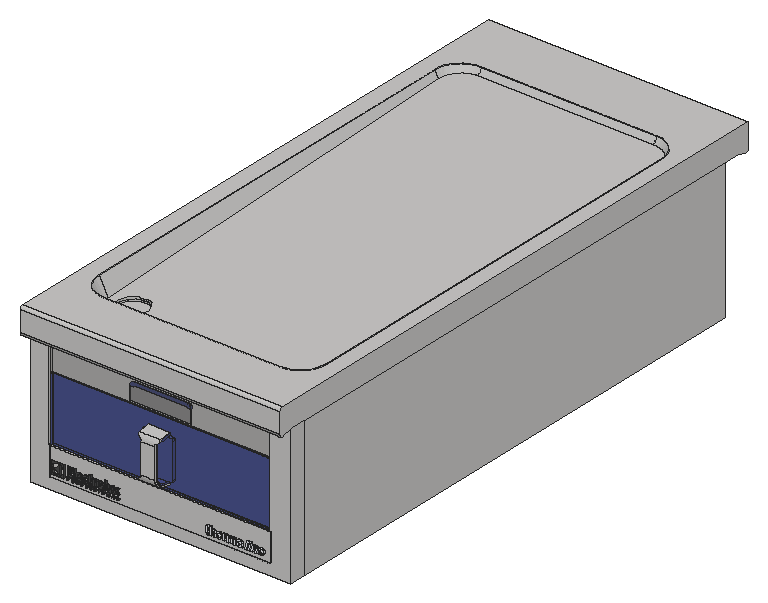
Revit family "QF_ELECTROLUXPROFESSIONAL_589828_MCHMAADODM", category Attrezzature speciali, Revit 2020
Family settings
  Quota connettore circolare = Usa diametro
  Tipo di parte = Normale
  Basato su piano di lavoro = No
  Sempre verticale = Sì
  Taglio con vuoti quando caricato = No
  Condiviso = No
  Punto di calcolo locali = No
Parameters (values of type "Standard")
  Weight = 69.00 kg
  Watts = 5100 W
  Volts = 440 V
  URL Manufacturer = "https://www.electroluxprofessional.com/"
  URL = "https://www.electroluxprofessional.com/"
  Steam Supply Size = 0"
  Steam Supply Minimum Pressure = 0.00 psi
  Steam Supply Maximum Pressure = 0.00 psi
  Steam Consumption per Hour = 0
  Refrigeration Suction Line Size = 0 mm
  Refrigeration Liquid Line Size = 0 mm
  Refrigerant Compressor Remote = yes
  Prospetto di default = 0 mm
  Phase = 3
  Modello = "MCHMAADODM"
  Produttore = "Electrolux Professional"
  Length Actual = 400 mm  # constant formula
  Item Number = "589828"
  Hot Water Size = 0"
  Height Actual = 250 mm  # constant formula
  HP = "6.8 HP"
  Gas Size = 0"
  Gas KW = 0
  Gas Input Pressure = 0.0 Btu/h
  Direct Waste Size = 0"
  Descrizione = "FRYTOP,SMT,1Z,1S,400X900X250H MARINE"
  Depth Actual = 900 mm  # constant formula
  Cycle = 50 Hz
  Condensate Return Size = 0"
  Compressed Air Volume = 0 GPM
  Compressed Air Size = 0"
  Compressed Air Pressure = 0.00 psi
  Cold Water Size = 0"
  Accessory = yes
Reference planes
  plane 1 "BACK": y = 0
  plane 2: z = 0
  plane 3 "LEFT": x = 0
  plane 4 "RIGHT": x = 400
  plane 5 "FRONT": y = -900
  plane 6 "TOP": z = 900
  plane 7 "Center (Left/Right)": x = 200
  plane 8 "Center (Front/Back)": y = -425
  plane 9: y = -150
  plane 10: y = -65
  plane 11: y = -840
  plane 12 "EIY": y = -685
  plane 13: z = 938
  plane 14 "BaseTop": z = 650
  plane 15: y = -855
  plane 16 "Camino": y = -50
  plane 17 "EIx": x = 355
  plane 18: z = 1131
  plane 19 "PlaneRibbed": through (-6096, -65, 890) normal (0, -0.0251, 0.9997)
  plane 20 "Base": z = 200
Forms (mm)
  Extrusion 1, solid, material "QF_Finishes_Stainless Steel"
    sketch origin (-178.969, -4572, 100) x (-1, 0, 0) y (0, -1, 0)
      loop
        line (-178.969, -4527) -> (-178.969, -3717) -> (-578.969, -3717) -> (-578.969, -4527) -> (-178.969, -4527)
    from 550 to 762.969
  Extrusion 2, solid, material "QF_Finishes_Stainless Steel"
    sketch origin (200, 296.4, 1219.2) x (0, 1, 0) y (0, 0, 1)
      loop
        line (-296.4, -319.2) -> (-1191.4, -319.2)
        arc (-1191.4, -319.2) -> (-1194.935, -320.664) -> (-1196.4, -324.2) r 5
        line (-1196.4, -324.2) -> (-1196.4, -355.2)
        arc (-1196.4, -355.2) -> (-1194.971, -358.264) -> (-1191.705, -359.139) r 4
        line (-1191.705, -359.139) -> (-1176.4, -356.231) -> (-316.4, -356.231) -> (-301.094, -359.139)
        arc (-301.094, -359.139) -> (-297.829, -358.264) -> (-296.4, -355.2) r 4
        line (-296.4, -355.2) -> (-296.4, -319.2)
    from -200 to 200
  Extrusion 3, void
    sketch origin (0, -30, 900) x (-1, 0, 0) y (0, -1, 0)
      loop
        arc (-65, 65) -> (-36.716, 76.716) -> (-25, 105) r 40
        line (-25, 105) -> (-25, 750)
        arc (-25, 750) -> (-36.716, 778.284) -> (-65, 790) r 40
        line (-65, 790) -> (-335, 790)
        arc (-335, 790) -> (-363.284, 778.284) -> (-375, 750) r 40
        line (-375, 750) -> (-375, 105)
        arc (-375, 105) -> (-363.284, 76.716) -> (-335, 65) r 40
        line (-335, 65) -> (-65, 65)
    from 0 to -30
  Sweep 4, solid, material "QF_Finishes_Stainless Steel"
    path origin (0, -30, 900) x (-1, 0, 0) y (0, -1, 0)
      loop
        line (-25, 105) -> (-25, 750)
        arc (-25, 750) -> (-36.716, 778.284) -> (-65, 790) r 40
        line (-65, 790) -> (-335, 790)
        arc (-335, 790) -> (-363.284, 778.284) -> (-375, 750) r 40
        line (-375, 750) -> (-375, 105)
        arc (-375, 105) -> (-363.284, 76.716) -> (-335, 65) r 40
        line (-335, 65) -> (-65, 65)
        arc (-65, 65) -> (-36.716, 76.716) -> (-25, 105) r 40
    profile origin (25, -457.5, 900) x (1, 0, 0) y (0, 0, 1)
      loop
        line (0, 0) -> (0, -30) -> (15, -30) -> (0, 0)
  Extrusion 5, void
    sketch origin (-19.991, -30, 900) x (-1, 0, 0) y (0, -1, 0)
      loop
        circle (-94.991, 746) r 22.248
    from -32.282 to 0
  Extrusion 6, solid, material "QF_Finishes_Stainless Steel"
    sketch origin (200, 266.4, 1219.2) x (0, 1, 0) y (0, 0, 1)
      loop
        line (-1086.4, -349.2) -> (-361.4, -349.2) -> (-361.4, -329.2) -> (-1086.4, -347.399) -> (-1086.4, -349.2)
    from -175 to 175
  Extrusion 7, void
    sketch origin (-34.748, -10, 900) x (-1, 0, 0) y (0, -1, 0)
      loop
        circle (-109.748, 765.667) r 22.248
    from -32.282 to 0
  Extrusion 8, solid, material "QF_Finishes_Stainless Steel"
    sketch origin (0, 0, 650) x (-1, 0, 0) y (0, -1, 0)
      loop
        circle (-355, 685) r 10
    from 0 to -6.533
Cuts and joins
  Extrusion 3, Extrusion 5, Extrusion 7 cuts Extrusion 2
  Extrusion 7 cuts Sweep 4
  Extrusion 7 cuts Extrusion 6
  joined: Sweep 4, Extrusion 6
Lines and regions (mm)
  symbolic lines
    curve 1: line (0, 0, 100) -> (400, 0, 100)
    curve 2: line (0, -900, 100) -> (0, 0, 100)
    curve 3: line (400, -900, 100) -> (0, -900, 100)
    curve 4: line (400, 0, 100) -> (400, -900, 100)
    curve 5: line (335, -95, 0) -> (65.29, -95, 0)
    curve 6: line (65.29, -820, 0) -> (335, -820, 0)
    curve 7: line (65, -110, 900) -> (335, -110, 900)
    curve 8: line (335, -806.075, 900) -> (65, -806.075, 900)
    curve 9: arc (360, -781.075, 900) -> (352.678, -798.753, 900) -> (335, -806.075, 900) r 25
    curve 10: line (360, -135, 900) -> (360, -781.075, 900)
    curve 11: arc (335, -110, 900) -> (352.678, -117.322, 900) -> (360, -135, 900) r 25
    curve 12: circle (75, -776, 900) r 22.248 normal (0, 0, 1)
    curve 13: arc (90.5, -115.483, 900) -> (62.314, -127.096, 900) -> (50.5, -155.198, 900) r 39.994
    curve 14: line (90.5, -115.482, 900) -> (309.507, -115.482, 900)
    curve 15: line (50.5, -692.082, 900) -> (50.5, -155.198, 900)
    curve 16: arc (50.5, -692.082, 900) -> (62.314, -720.184, 900) -> (90.5, -731.797, 900) r 39.994
    curve 17: line (309.507, -731.798, 900) -> (90.5, -731.798, 900)
    curve 18: line (40.29, -738.526, 900) -> (360, -738.526, 900)
    curve 19: line (40.29, -748.526, 900) -> (360, -748.526, 900)
    curve 20: arc (65, -95, 900) -> (36.716, -106.716, 900) -> (25, -135, 900) r 40
    curve 21: line (25, -135, 900) -> (25, -780, 900)
    curve 22: arc (25, -780, 900) -> (36.716, -808.284, 900) -> (65, -820, 900) r 40
    curve 23: arc (335, -820, 900) -> (363.284, -808.284, 900) -> (375, -780, 900) r 40
    curve 24: line (375, -780, 900) -> (375, -135, 900)
    curve 25: arc (375, -135, 900) -> (363.284, -106.716, 900) -> (335, -95, 900) r 40
    curve 26: arc (309.507, -115.483, 900) -> (337.688, -127.098, 900) -> (349.5, -155.198, 900) r 39.994
    curve 27: line (349.5, -692.082, 900) -> (349.5, -155.198, 900)
    curve 28: arc (349.5, -692.082, 900) -> (337.688, -720.181, 900) -> (309.507, -731.797, 900) r 39.994
    curve 29: arc (65, -806.075, 900) -> (47.322, -798.753, 900) -> (40, -781.075, 900) r 25
    curve 30: line (40, -781.075, 900) -> (40, -135, 900)
    curve 31: arc (40, -135, 900) -> (47.322, -117.322, 900) -> (65, -110, 900) r 25
Dimensions and locks
  plane 3 "LEFT" to plane 4 "RIGHT" = 400 mm
  plane 5 "FRONT" to plane 1 "BACK" = 900 mm
  plane 3 "LEFT" to plane 7 "Center (Left/Right)" to plane 4 "RIGHT" = 200 mm, 200 mm
  plane 5 "FRONT" to plane 8 "Center (Front/Back)" to plane 1 "BACK" = 475 mm, 425 mm
  plane 6 "TOP" to level = 900 mm  (x2)
  plane 1 "BACK" to plane 9 = 150 mm
  plane 12 "EIY" to plane 1 "BACK" = 685 mm
  plane 13 to plane 6 "TOP" = 38 mm
  plane 10 to plane 1 "BACK" = 65 mm
  plane 5 "FRONT" to plane 11 = 60 mm
  locked: plane 6 "TOP" to plane 14 "BaseTop" at 250
  locked: plane 15 to plane 5 "FRONT" at 45
  plane 16 "Camino" to plane 1 "BACK" = 50 mm
  plane 17 "EIx" to plane 4 "RIGHT" = 45 mm
  plane 18 to plane 6 "TOP" = 231 mm
  plane 20 "Base" to level = 200 mm
  aligned and locked: level to plane 2
  aligned and locked: cut or joined group of Extrusion 2, Extrusion 3, Extrusion 5, Extrusion 7 to plane 4 "RIGHT"
  aligned and locked: nested 1 to plane 15
  aligned and locked: Extrusion 1 to plane 15
  aligned and locked: plane 3 "LEFT" to nested 1
Nested families
  nested 1: "Front_Panel_W400_1 Knob" at (52.376, -855, 0), type "Front_Panel_W400_1 Knob"
Connectors
  electrical at (355, -685, 643.467)
    settings: on Extrusion 8, index 1, voltage 0 V, apparent load 0 VA, apparent load phase1 0 VA, apparent load phase2 0 VA, apparent load phase3 0 VA, power factor 1, load classification "Other", number of poles 1, system type 30, power factor state 1, is connector primary yes, connector utility no, sub classification motor no, connector description "Electrical connection"
Definition of nested family "Front_Panel_W400_1 Knob"
  Parameters
    Default Elevation = 0 mm
  Reference planes
    plane 1 "Center (Front/Back)": y = 0
    plane 2: z = 0
    plane 3 "Center (Left/Right)": x = 147.624
    plane 4 "Left": x = -52.376
    plane 5 "Right": x = 347.624
    plane 6: y = -45
    plane 7: y = -310
    plane 8: y = -25
    plane 9: x = 317.624
    plane 10: x = -22.376
  Forms (mm)
    Extrusion 1, solid
      sketch origin (833.217, 829.203, -1.25) x (0, 1, 0) y (0, 0, 1)
        loop
          line (-854.203, 651.25) -> (-829.203, 651.25) -> (-829.203, 864.25) -> (-854.203, 864.25) -> (-854.203, 651.25)
      from -885.593 to -485.593
    Extrusion 2, void
      sketch origin (0, 0, 0) x (1, 0, 0) y (0, 0, 1)
        loop
          line (-24.876, 853.866) -> (-24.876, 711.866) -> (315.124, 711.866) -> (315.124, 853.866) -> (-24.876, 853.866)
      from 19.387 to 33.951
    Extrusion 3, void
      sketch origin (0, 0, 0) x (1, 0, 0) y (0, 0, 1)
        loop
          line (-22.376, 711.866) -> (-22.376, 666.866) -> (317.624, 666.866) -> (317.624, 711.866) -> (-22.376, 711.866)
      from 19.387 to 25
    Extrusion 4, solid
      sketch origin (0, 0, 0) x (1, 0, 0) y (0, 0, 1)
        loop
          line (-21.376, 710.866) -> (-21.376, 667.866) -> (316.624, 667.866) -> (316.624, 710.866) -> (-21.376, 710.866)
      from 19.387 to 25
  Cuts and joins
    Extrusion 2, Extrusion 3 cuts Extrusion 1
  Dimensions and locks
    equal spacing: plane 5 "Right", plane 3 "Center (Left/Right)", plane 4 "Left"
    plane 5 "Right" to plane 4 "Left" = 400 mm
    plane 6 to plane 7 = 265 mm
    aligned and locked: cut or joined group of Extrusion 1, Extrusion 2, Extrusion 3 to plane 4 "Left"
    aligned and locked: plane 5 "Right" to cut or joined group of Extrusion 1, Extrusion 2, Extrusion 3
    aligned and locked: plane 3 "Center (Left/Right)" to nested 1
    aligned and locked: cut or joined group of Extrusion 1, Extrusion 2, Extrusion 3 to nested 1
  Automatic sketch dimensions
    Extrusion 1 sketch curve to plane 8 = 0 mm
    Extrusion 1 sketch curve to plane 1 "Center (Front/Back)" = 0 mm
    level to Extrusion 1 sketch curve = 650 mm
    Extrusion 1 sketch curve to Extrusion 1 sketch curve = 213 mm
    Extrusion 2 sketch curve to plane 10 = 2.5 mm
    Extrusion 2 sketch curve to plane 9 = 2.5 mm
    level to Extrusion 2 sketch curve = 711.866 mm
    Extrusion 2 sketch curve to Extrusion 2 sketch curve = 142 mm
    Extrusion 3 sketch curve to plane 10 = 0 mm
    Extrusion 3 sketch curve to plane 9 = 0 mm
    level to Extrusion 3 sketch curve = 666.866 mm
    Extrusion 3 sketch curve to Extrusion 3 sketch curve = 45 mm
    plane 10 to Extrusion 4 sketch curve = 1 mm
    Extrusion 4 sketch curve to plane 9 = 1 mm
    level to Extrusion 4 sketch curve = 667.866 mm
    Extrusion 4 sketch curve to Extrusion 4 sketch curve = 43 mm
  Nested families
    nested 1: "Front glass control panel W500_1 Knob" at (147.624, 280.644, 2.752), type "Front glass control panel W500_1 Knob"
    nested 2: "Range Control Handle" at (147.624, -28.137, -209.113) x (-1, 0, 0) z (0, 0, 1), type "Range Control Handle"
    nested 3: "ELX_ThermaLine_Small" at (258.838, -25, 680.426) x (1, 0, 0) z (0, -1, 0), type "ELX_ThermaLine_Small"
      with Show Logo yes, Material_Logo none
    nested 4: "ELX_Professional_Logo_Small2" at (33.472, -25, 682.659) x (1, 0, 0) z (0, -1, 0), type "ELX_Professional_Logo_Small2"
      with Show Logo yes, Material_Logo none
  Definition of nested family "Front glass control panel W500_1 Knob"
    Parameters
      Default Elevation = 0 mm
    Reference planes
      plane 1 "Center (Front/Back)": y = 0
      plane 2: z = 0
      plane 3 "Center (Left/Right)": x = 0
    Forms (mm)
      Extrusion 1, solid
        sketch origin (378.286, 0, 0.617) x (1, 0, 0) y (0, 0, 1)
          loop
            line (-548.286, 806.791) -> (-548.286, 708.497) -> (-208.286, 708.497) -> (-208.286, 806.791) -> (-548.286, 806.791)
        from 300.031 to 304.8
      Extrusion 2, solid
        sketch origin (378.286, 0, 0.617) x (1, 0, 0) y (0, 0, 1)
          loop
            line (-548.286, 850.497) -> (-548.286, 806.791) -> (-208.286, 806.791) -> (-208.286, 850.497) -> (-548.286, 850.497)
        from 300.031 to 304.8
      Extrusion 3, void
        sketch origin (378.286, 0, 0.617) x (1, 0, 0) y (0, 0, 1)
          loop
            line (-545.628, 847.565) -> (-545.628, 710.699) -> (-211.196, 710.699) -> (-211.196, 847.565) -> (-545.628, 847.565)
        from 303.697 to 304.8
      Extrusion 4, solid
        sketch origin (308.309, 1.101, -0.633) x (1, 0, 0) y (0, 0, 1)
          loop
            line (-261.431, 812.62) -> (-261.431, 834.177) -> (-266.24, 834.177) -> (-268.039, 835.977) -> (-348.469, 835.977) -> (-350.269, 834.177) -> (-355.186, 834.177) -> (-355.186, 812.62) -> (-261.431, 812.62)
        from 304.798 to 306.745
      Extrusion 5, solid
        sketch origin (308.309, 1.101, -0.633) x (1, 0, 0) y (0, 0, 1)
          loop
            line (-350.269, 834.177) -> (-348.469, 835.977) -> (-268.039, 835.977) -> (-266.24, 834.177) -> (-261.529, 834.177)
            arc (-261.529, 834.177) -> (-262.706, 838.752) -> (-266.98, 840.763) r 5.549
            line (-266.98, 840.763) -> (-349.686, 840.763)
            arc (-349.686, 840.763) -> (-353.942, 838.747) -> (-355.078, 834.177) r 5.5
            line (-355.078, 834.177) -> (-350.269, 834.177)
        from 304.798 to 306.745
    Cuts and joins
      Extrusion 3 cuts Extrusion 1
      Extrusion 3 cuts Extrusion 2
    Dimensions and locks
      aligned and locked: Extrusion 1 to Extrusion 2
      aligned and locked: Extrusion 5 sketch curve to Extrusion 4  (x4)
      aligned and locked: Extrusion 4 to Extrusion 5 sketch curve
      aligned and locked: Extrusion 5 to Extrusion 4
  Definition of nested family "Range Control Handle"
    Parameters
      Default Elevation = 0 mm
    Reference planes
      plane 1 "Center (Front/Back)": y = 0
      plane 2: z = 0
      plane 3 "Center (Left/Right)": x = 0
      plane 4: z = 971.092
      plane 5: y = -16.9
    Forms (mm)
      Extrusion 1, solid
        sketch origin (-746.28, 380.497, 208.931) x (-1, 0, 0) y (0, 0, 1)
          loop
            line (-770.101, 786.798) -> (-770.101, 731.649)
            arc (-770.101, 731.649) -> (-769.759, 730.563) -> (-768.855, 729.87) r 1.893
            line (-768.855, 729.87) -> (-763.474, 727.911) -> (-729.81, 727.911) -> (-724.428, 729.87)
            arc (-724.428, 729.87) -> (-723.525, 730.563) -> (-723.183, 731.649) r 1.893
            line (-723.183, 731.649) -> (-723.183, 786.798)
            arc (-723.183, 786.798) -> (-723.529, 787.894) -> (-724.44, 788.593) r 1.91
            line (-724.44, 788.593) -> (-729.683, 790.819) -> (-763.601, 790.819) -> (-768.844, 788.593)
            arc (-768.844, 788.593) -> (-769.755, 787.894) -> (-770.101, 786.798) r 1.91
        from -382.35 to -378.852
      Sweep 2, solid
        path origin (-746.788, 380.496, 208.091) x (0, -1, 0) y (0, 0, 1)
          loop
            line (379.775, 793.281) -> (395.661, 791.048)
            arc (395.661, 791.048) -> (397.781, 787.377) -> (398.517, 783.202) r 12.207
            line (398.517, 783.202) -> (398.517, 737.368)
            arc (398.517, 737.368) -> (397.781, 733.193) -> (395.661, 729.522) r 12.207
            line (395.661, 729.522) -> (379.775, 727.289)
        profile origin (-746.788, -7.222, 1000.256) x (0, -0.139173, 0.990268) y (-1, 0, 0)
          loop
            line (0.782, -763.123) -> (0.782, -730.907) -> (-1.322, -730.907) -> (-1.322, -763.123) -> (0.782, -763.123)
      Sweep 3, solid
        path origin (-746.788, 380.715, 207.832) x (0, -1, 0) y (0, 0, 1)
          loop
            line (380.478, 795.442) -> (397.218, 793.09)
            arc (397.218, 793.09) -> (399.929, 788.473) -> (400.871, 783.202) r 15.207
            line (400.871, 783.202) -> (400.871, 737.584)
            arc (400.871, 737.584) -> (399.914, 732.274) -> (397.164, 727.633) r 15.207
            line (397.164, 727.633) -> (380.601, 725.305)
        profile origin (-746.788, -8.132, 1002.099) x (0, -0.139173, 0.990268) y (-1, 0, 0)
          loop
            line (0.782, -763.123) -> (0.782, -730.907) -> (-1.322, -730.907) -> (-1.322, -763.123) -> (0.782, -763.123)
      Extrusion 4, void
        sketch origin (889.253, 220.666, 207.993) x (1, 0, 0) y (0, 0, 1)
          loop
            line (-943.038, 816.854) -> (-943.038, 703.686) -> (-899.466, 734.196) -> (-899.466, 786.344) -> (-943.038, 816.854)
        from 230.636 to 242.25
      Extrusion 5, void
        sketch origin (-888.8, 220.666, 207.993) x (-1, 0, 0) y (0, 0, -1)
          loop
            line (-943.038, -816.854) -> (-899.466, -786.344) -> (-899.466, -734.196) -> (-943.038, -703.686) -> (-943.038, -816.854)
        from 230.636 to 242.25
      Extrusion 6, solid
        sketch origin (0, 0, 0) x (1, 0, 0) y (0, 0, 1)
          loop
            circle (0, 971.092) r 7.736
        from -3.137 to -1.645
    Cuts and joins
      Extrusion 4, Extrusion 5 cuts Sweep 3
      Extrusion 4, Extrusion 5 cuts Sweep 2
      joined: Extrusion 1, Extrusion 6
    Lines and regions (mm)
      symbolic lines
        curve 1: line (16.334, -16.9, 0) -> (16.334, -19.227, 0)
        curve 2: spline (16.334, -19.227, 0) -> (15.87, -19.385, 0) -> (15.404, -19.536, 0) -> (14.936, -19.678, 0) -> (14.466, -19.813, 0) -> (13.995, -19.94, 0) -> (13.523, -20.059, 0) -> (13.049, -20.171, 0) -> (12.575, -20.274, 0) -> (12.099, -20.37, 0) -> (11.622, -20.458, 0) -> (11.144, -20.537, 0) -> (10.666, -20.609, 0)
        curve 3: line (10.666, -16.9, 0) -> (10.666, -20.938, 0)
        curve 4: line (-10.213, -20.938, 0) -> (10.666, -20.938, 0)
        curve 5: line (-10.213, -20.938, 0) -> (-10.213, -16.9, 0)
        curve 6: spline (-10.213, -20.609, 0) -> (-10.691, -20.537, 0) -> (-11.169, -20.458, 0) -> (-11.646, -20.37, 0) -> (-12.122, -20.274, 0) -> (-12.597, -20.171, 0) -> (-13.07, -20.059, 0) -> (-13.542, -19.94, 0) -> (-14.013, -19.813, 0) -> (-14.483, -19.678, 0) -> (-14.951, -19.536, 0) -> (-15.417, -19.385, 0) -> (-15.881, -19.227, 0)
        curve 7: line (-15.881, -19.227, 0) -> (-15.881, -16.9, 0)
  Definition of nested family "ELX_ThermaLine_Small"
    Parameters
      Show Logo [instance] = yes
      Material_Logo [instance] = none
      Default Elevation = 0 mm
    Reference planes
      plane 1 "Centro (Fronte/Retro)": y = 0
      plane 2: z = 0
      plane 3 "Centro (Sinistra/Destra)": x = 0
    Forms (mm)
      Extrusion 1, solid
        sketch origin (0, 0, 0) x (1, 0, 0) y (0, 1, 0)
          loop
            line (-1219.2, 1219.2) -> (-1219.2, -1219.2) -> (1219.2, -1219.2) -> (1219.2, 1219.2) -> (-1219.2, 1219.2)
        from 0 to -304.8
      Extrusion 2, solid
        sketch origin (0, 0, 0) x (1, 0, 0) y (0, 1, 0)
          loop
            line (-37.494, 1.229) -> (-35.908, 1.229) -> (-35.908, 3.066) -> (-37.494, 3.066) -> (-37.494, 6.221) -> (-39.867, 4.881) -> (-39.867, 3.066) -> (-40.969, 3.066) -> (-40.969, 1.229) -> (-39.867, 1.229) -> (-39.867, -3.407)
            arc (-39.867, -3.407) -> (-38.982, -5.513) -> (-36.751, -6.001) r 2.478
            line (-36.751, -6.001) -> (-35.638, -5.7) -> (-35.9, -3.835) -> (-36.661, -4.039)
            arc (-36.661, -4.039) -> (-37.236, -3.924) -> (-37.494, -3.399) r 0.662
            line (-37.494, -3.399) -> (-37.494, 1.229)
          loop
            line (-34.242, 6.539) -> (-34.242, -5.848) -> (-31.854, -5.848) -> (-31.854, -0.078)
            arc (-31.854, -0.078) -> (-30.939, 1.249) -> (-29.33, 1.367) r 1.866
            arc (-29.33, 1.367) -> (-28.695, 0.768) -> (-28.461, -0.073) r 1.627
            line (-28.461, -0.073) -> (-28.461, -5.848) -> (-26.086, -5.848) -> (-26.064, -0.46)
            arc (-26.064, -0.46) -> (-26.261, 0.932) -> (-26.786, 2.237) r 5.825
            arc (-26.786, 2.237) -> (-29.381, 3.264) -> (-31.854, 1.971) r 3.353
            line (-31.854, 1.971) -> (-31.854, 6.539) -> (-34.242, 6.539)
          loop
            arc (-18.398, -0.598) -> (-18.893, 0.879) -> (-20.326, 1.487) r 1.897
            arc (-20.326, 1.487) -> (-21.461, 0.708) -> (-21.897, -0.598) r 2.164
            line (-21.897, -0.598) -> (-18.398, -0.598)
          loop
            arc (-16.021, -2.044) -> (-16.754, 1.227) -> (-19.444, 3.226) r 4.814
            arc (-19.444, 3.226) -> (-22.137, 2.788) -> (-23.943, 0.743) r 4.054
            arc (-23.943, 0.743) -> (-24.382, -1.249) -> (-24.162, -3.276) r 6.289
            arc (-24.162, -3.276) -> (-23.302, -4.71) -> (-21.958, -5.705) r 4.28
            arc (-21.958, -5.705) -> (-18.558, -5.814) -> (-16.152, -3.409) r 4.28
            line (-16.152, -3.409) -> (-18.5, -2.995)
            arc (-18.5, -2.995) -> (-19.273, -3.994) -> (-20.533, -4.076) r 1.536
            arc (-20.533, -4.076) -> (-21.56, -3.281) -> (-21.958, -2.044) r 2.197
            line (-21.958, -2.044) -> (-16.021, -2.044)
          loop
            line (-14.165, -5.848) -> (-11.819, -5.848) -> (-11.819, -2.138)
            arc (-11.819, -2.138) -> (-11.787, -1.156) -> (-11.637, -0.185) r 8.18
            arc (-11.637, -0.185) -> (-10.644, 0.972) -> (-9.132, 0.776) r 1.603
            line (-9.132, 0.776) -> (-8.419, 2.846)
            arc (-8.419, 2.846) -> (-10.432, 3.118) -> (-11.994, 1.821) r 2.527
            line (-11.994, 1.821) -> (-11.994, 3.094) -> (-14.165, 3.094) -> (-14.165, -5.848)
          loop
            line (-7.579, 3.094) -> (-7.579, -5.848) -> (-5.178, -5.848) -> (-5.178, -0.756)
            arc (-5.178, -0.756) -> (-4.727, 0.679) -> (-3.417, 1.419) r 2.05
            arc (-3.417, 1.419) -> (-2.499, 0.908) -> (-2.155, -0.085) r 1.471
            line (-2.155, -0.085) -> (-2.155, -5.848) -> (0.23, -5.848) -> (0.23, -1.001)
            arc (0.23, -1.001) -> (0.47, 0.127) -> (1.148, 1.061) r 2.775
            arc (1.148, 1.061) -> (2.225, 1.329) -> (3.05, 0.587) r 1.182
            arc (3.05, 0.587) -> (3.199, -0.019) -> (3.214, -0.642) r 2.894
            line (3.214, -0.642) -> (3.214, -5.848) -> (5.601, -5.848) -> (5.601, 0.261)
            arc (5.601, 0.261) -> (4.87, 2.263) -> (2.976, 3.241) r 2.932
            arc (2.976, 3.241) -> (1.284, 2.973) -> (-0.047, 1.896) r 3.309
            arc (-0.047, 1.896) -> (-1.116, 2.865) -> (-2.506, 3.258) r 3.16
            arc (-2.506, 3.258) -> (-4.105, 2.942) -> (-5.376, 1.92) r 3.419
            line (-5.376, 1.92) -> (-5.376, 3.094) -> (-7.579, 3.094)
          loop
            line (7.583, 0.738) -> (9.702, 0.364)
            arc (9.702, 0.364) -> (11.441, 1.492) -> (12.855, -0.023) r 1.613
            line (12.855, -0.023) -> (9.782, -0.789)
            arc (9.782, -0.789) -> (8.559, -1.346) -> (7.617, -2.305) r 3.687
            arc (7.617, -2.305) -> (7.499, -3.681) -> (7.901, -5.003) r 3.651
            arc (7.901, -5.003) -> (9.107, -5.766) -> (10.515, -6.006) r 3.635
            arc (10.515, -6.006) -> (11.898, -5.697) -> (13.067, -4.895) r 3.734
            line (13.067, -4.895) -> (13.376, -5.848) -> (15.75, -5.848) -> (15.212, -4.193) -> (15.212, 0.38)
            arc (15.212, 0.38) -> (14.897, 1.849) -> (13.818, 2.895) r 2.585
            arc (13.818, 2.895) -> (11.792, 3.442) -> (9.719, 3.11) r 5.005
            arc (9.719, 3.11) -> (8.369, 2.178) -> (7.583, 0.738) r 3.54
          loop
            line (19.723, -5.848) -> (22.233, -5.848) -> (24.854, 6.484) -> (22.345, 6.484) -> (19.723, -5.848)
          loop
            line (24.583, -5.848) -> (26.953, -5.848) -> (28.848, 3.066) -> (26.478, 3.066) -> (24.583, -5.848)
          loop
            line (27.204, 6.484) -> (26.741, 4.305) -> (29.111, 4.305) -> (29.575, 6.484) -> (27.204, 6.484)
          loop
            line (29.355, -5.848) -> (31.849, -5.848) -> (33.098, 0.028)
            arc (33.098, 0.028) -> (34.169, 1.306) -> (35.832, 1.422) r 2.132
            arc (35.832, 1.422) -> (36.324, 0.752) -> (36.383, -0.078) r 1.5
            line (36.383, -0.078) -> (35.157, -5.848) -> (37.536, -5.848) -> (38.936, 0.738)
            arc (38.936, 0.738) -> (38.775, 2.091) -> (37.825, 3.066) r 2.118
            arc (37.825, 3.066) -> (35.392, 3.175) -> (33.295, 1.937) r 4.271
            line (33.295, 1.937) -> (33.535, 3.066) -> (31.25, 3.066) -> (29.355, -5.848)
          loop
            line (42.792, -0.64) -> (46.589, -0.64)
            arc (46.589, -0.64) -> (46.639, 0.124) -> (46.327, 0.823) r 1.589
            arc (46.327, 0.823) -> (45.117, 1.521) -> (43.762, 1.183) r 1.865
            arc (43.762, 1.183) -> (43.141, 0.344) -> (42.792, -0.64) r 3.538
          loop
            line (42.565, -2.138) -> (48.593, -2.138)
            arc (48.593, -2.138) -> (48.58, 0.597) -> (46.983, 2.818) r 4.494
            arc (46.983, 2.818) -> (44.191, 3.28) -> (41.725, 1.891) r 4.26
            arc (41.725, 1.891) -> (40.503, -0.3) -> (40.284, -2.799) r 6.003
            arc (40.284, -2.799) -> (40.959, -4.468) -> (42.377, -5.576) r 3.482
            arc (42.377, -5.576) -> (44.265, -5.961) -> (46.152, -5.576) r 4.823
            arc (46.152, -5.576) -> (47.432, -4.731) -> (48.328, -3.485) r 4.245
            line (48.328, -3.485) -> (46.168, -3.105)
            arc (46.168, -3.105) -> (45.214, -4.072) -> (43.859, -4.181) r 1.953
            arc (43.859, -4.181) -> (42.821, -3.408) -> (42.565, -2.138) r 1.81
          loop
            line (12.868, -1.553) -> (10.216, -2.214)
            arc (10.216, -2.214) -> (9.747, -3.136) -> (10.216, -4.058) r 1.14
            arc (10.216, -4.058) -> (11.537, -4.249) -> (12.614, -3.46) r 1.763
            arc (12.614, -3.46) -> (12.858, -2.522) -> (12.868, -1.553) r 3.97
        from 0 to 1.6
    Dimensions and locks
      aligned and locked: plane 2 to Extrusion 1
      aligned and locked: level to Extrusion 1
  Definition of nested family "ELX_Professional_Logo_Small2"
    Parameters
      Show Logo [instance] = yes
      Material_Logo [instance] = none
      Default Elevation = 0 mm
    Reference planes
      plane 1 "Centro (Fronte/Retro)": y = 0
      plane 2: z = 0
      plane 3 "Centro (Sinistra/Destra)": x = 0
    Forms (mm)
      Extrusion 1, solid
        sketch origin (0, 0, 0) x (1, 0, 0) y (0, 1, 0)
          loop
            line (-1219.2, 1219.2) -> (-1219.2, -1219.2) -> (1219.2, -1219.2) -> (1219.2, 1219.2) -> (-1219.2, 1219.2)
        from 0 to -304.8
      Extrusion 2, solid, material <- "Material_Logo"
        sketch origin (15.5, 0, 0) x (1, 0, 0) y (0, 1, 0)
          loop
            spline (-39.691, -1.091) -> (-39.872, -1.083) -> (-40.065, -1.059) -> (-40.265, -1.013) -> (-40.466, -0.945) -> (-40.663, -0.85) -> (-40.851, -0.726) -> (-41.025, -0.569) -> (-41.179, -0.377) -> (-41.308, -0.147) -> (-41.407, 0.125) -> (-41.47, 0.441) -> (-41.492, 0.805)
            line (-41.492, 0.805) -> (-41.492, 2.418) -> (-36.166, 2.418) -> (-36.166, 4.475) -> (-41.493, 4.475) -> (-41.493, 7.47) -> (-35.827, 7.47) -> (-35.827, 9.522) -> (-43.673, 9.522) -> (-43.673, 0.898)
            spline (-43.673, 0.898) -> (-43.654, 0.368) -> (-43.594, -0.132) -> (-43.494, -0.6) -> (-43.352, -1.034) -> (-43.166, -1.432) -> (-42.937, -1.793) -> (-42.661, -2.115) -> (-42.34, -2.396) -> (-41.97, -2.635) -> (-41.552, -2.83) -> (-41.084, -2.978) -> (-40.565, -3.079)
            line (-40.565, -3.079) -> (-39.709, -3.141) -> (-35.675, -3.141) -> (-35.675, -1.091) -> (-39.691, -1.091)
          loop
            line (-34.126, 3.539) -> (-34.126, -3.144) -> (-31.945, -3.144) -> (-31.945, 9.525) -> (-34.126, 9.525) -> (-34.126, 3.539)
          loop
            spline (-21.182, 0.903) -> (-21.167, 1.589) -> (-21.233, 2.252) -> (-21.376, 2.887) -> (-21.594, 3.487) -> (-21.884, 4.047) -> (-22.243, 4.559) -> (-22.669, 5.018) -> (-23.158, 5.419) -> (-23.707, 5.754) -> (-24.315, 6.017) -> (-24.977, 6.204) -> (-25.691, 6.307)
            spline (-25.691, 6.307) -> (-26.371, 6.268) -> (-27.016, 6.151) -> (-27.622, 5.961) -> (-28.185, 5.701) -> (-28.7, 5.372) -> (-29.161, 4.978) -> (-29.565, 4.522) -> (-29.906, 4.007) -> (-30.18, 3.435) -> (-30.381, 2.811) -> (-30.506, 2.136) -> (-30.548, 1.413)
            spline (-30.548, 1.413) -> (-30.507, 0.709) -> (-30.386, 0.05) -> (-30.189, -0.56) -> (-29.921, -1.118) -> (-29.584, -1.622) -> (-29.182, -2.068) -> (-28.72, -2.453) -> (-28.202, -2.775) -> (-27.63, -3.031) -> (-27.009, -3.217) -> (-26.344, -3.331) -> (-25.636, -3.37)
            spline (-25.636, -3.37) -> (-25.291, -3.361) -> (-24.95, -3.335) -> (-24.613, -3.29) -> (-24.28, -3.224) -> (-23.951, -3.134) -> (-23.626, -3.02) -> (-23.305, -2.88) -> (-22.989, -2.712) -> (-22.676, -2.515) -> (-22.368, -2.286) -> (-22.065, -2.023) -> (-21.766, -1.726)
            line (-21.766, -1.726) -> (-23.08, -0.448)
            spline (-23.08, -0.448) -> (-23.254, -0.615) -> (-23.428, -0.768) -> (-23.604, -0.906) -> (-23.785, -1.031) -> (-23.971, -1.142) -> (-24.164, -1.238) -> (-24.366, -1.32) -> (-24.579, -1.387) -> (-24.803, -1.439) -> (-25.041, -1.477) -> (-25.294, -1.5) -> (-25.564, -1.507)
            spline (-25.564, -1.507) -> (-25.958, -1.488) -> (-26.328, -1.43) -> (-26.672, -1.336) -> (-26.989, -1.207) -> (-27.276, -1.044) -> (-27.533, -0.85) -> (-27.757, -0.625) -> (-27.948, -0.371) -> (-28.103, -0.09) -> (-28.221, 0.217) -> (-28.3, 0.549) -> (-28.339, 0.903)
            line (-28.339, 0.903) -> (-21.182, 0.903)
          loop
            spline (-23.373, 2.436) -> (-23.394, 2.706) -> (-23.456, 2.965) -> (-23.555, 3.212) -> (-23.69, 3.444) -> (-23.857, 3.658) -> (-24.053, 3.851) -> (-24.276, 4.022) -> (-24.522, 4.167) -> (-24.79, 4.285) -> (-25.076, 4.372) -> (-25.377, 4.426) -> (-25.691, 4.445)
            spline (-25.691, 4.445) -> (-26.028, 4.426) -> (-26.352, 4.373) -> (-26.661, 4.287) -> (-26.952, 4.171) -> (-27.221, 4.028) -> (-27.467, 3.858) -> (-27.686, 3.666) -> (-27.875, 3.452) -> (-28.033, 3.22) -> (-28.155, 2.972) -> (-28.24, 2.71) -> (-28.284, 2.436)
            line (-28.284, 2.436) -> (-23.373, 2.436)
          loop
            spline (-17.847, 1.469) -> (-17.822, 1.874) -> (-17.749, 2.259) -> (-17.63, 2.62) -> (-17.47, 2.955) -> (-17.27, 3.26) -> (-17.034, 3.534) -> (-16.765, 3.773) -> (-16.464, 3.975) -> (-16.137, 4.136) -> (-15.784, 4.255) -> (-15.41, 4.328) -> (-15.017, 4.353)
            spline (-15.017, 4.353) -> (-14.775, 4.346) -> (-14.544, 4.323) -> (-14.323, 4.286) -> (-14.111, 4.235) -> (-13.907, 4.17) -> (-13.711, 4.091) -> (-13.523, 3.999) -> (-13.342, 3.894) -> (-13.168, 3.776) -> (-13, 3.645) -> (-12.837, 3.503) -> (-12.68, 3.349)
            line (-12.68, 3.349) -> (-11.329, 4.755)
            spline (-11.329, 4.755) -> (-11.597, 5.024) -> (-11.874, 5.266) -> (-12.159, 5.481) -> (-12.451, 5.67) -> (-12.75, 5.834) -> (-13.056, 5.974) -> (-13.369, 6.09) -> (-13.687, 6.183) -> (-14.012, 6.255) -> (-14.342, 6.304) -> (-14.677, 6.334) -> (-15.017, 6.344)
            spline (-15.017, 6.344) -> (-15.698, 6.301) -> (-16.351, 6.178) -> (-16.969, 5.977) -> (-17.547, 5.704) -> (-18.079, 5.364) -> (-18.558, 4.961) -> (-18.98, 4.498) -> (-19.339, 3.982) -> (-19.628, 3.417) -> (-19.841, 2.806) -> (-19.974, 2.155) -> (-20.019, 1.469)
            spline (-20.019, 1.469) -> (-19.974, 0.782) -> (-19.841, 0.131) -> (-19.628, -0.479) -> (-19.339, -1.045) -> (-18.98, -1.561) -> (-18.558, -2.023) -> (-18.079, -2.427) -> (-17.547, -2.767) -> (-16.969, -3.04) -> (-16.351, -3.24) -> (-15.698, -3.364) -> (-15.017, -3.406)
            spline (-15.017, -3.406) -> (-14.677, -3.397) -> (-14.342, -3.367) -> (-14.012, -3.317) -> (-13.687, -3.246) -> (-13.369, -3.153) -> (-13.056, -3.036) -> (-12.75, -2.897) -> (-12.451, -2.733) -> (-12.159, -2.543) -> (-11.874, -2.328) -> (-11.597, -2.087) -> (-11.329, -1.818)
            line (-11.329, -1.818) -> (-12.68, -0.412)
            spline (-12.68, -0.412) -> (-12.837, -0.566) -> (-13, -0.708) -> (-13.168, -0.838) -> (-13.342, -0.956) -> (-13.523, -1.061) -> (-13.711, -1.154) -> (-13.907, -1.232) -> (-14.111, -1.298) -> (-14.323, -1.349) -> (-14.544, -1.386) -> (-14.775, -1.408) -> (-15.017, -1.416)
            spline (-15.017, -1.416) -> (-15.41, -1.391) -> (-15.784, -1.318) -> (-16.137, -1.199) -> (-16.464, -1.037) -> (-16.765, -0.836) -> (-17.034, -0.597) -> (-17.27, -0.323) -> (-17.47, -0.018) -> (-17.63, 0.317) -> (-17.749, 0.678) -> (-17.822, 1.063) -> (-17.847, 1.469)
          loop
            spline (-5.768, -1.094) -> (-5.96, -1.097) -> (-6.166, -1.083) -> (-6.381, -1.047) -> (-6.598, -0.987) -> (-6.813, -0.898) -> (-7.02, -0.778) -> (-7.214, -0.623) -> (-7.389, -0.429) -> (-7.539, -0.193) -> (-7.661, 0.089) -> (-7.747, 0.42) -> (-7.793, 0.805)
            line (-7.793, 0.805) -> (-7.793, 4.036) -> (-5.809, 4.036) -> (-5.809, 6.018) -> (-7.79, 6.018) -> (-7.79, 9.525) -> (-9.971, 9.525) -> (-9.971, 0.681)
            spline (-9.971, 0.681) -> (-9.924, 0.167) -> (-9.84, -0.315) -> (-9.716, -0.766) -> (-9.553, -1.182) -> (-9.35, -1.563) -> (-9.104, -1.907) -> (-8.816, -2.213) -> (-8.484, -2.478) -> (-8.107, -2.701) -> (-7.684, -2.88) -> (-7.214, -3.015) -> (-6.697, -3.102)
            line (-6.697, -3.102) -> (-5.776, -3.144) -> (-5.768, -1.094)
          loop
            spline (1.57, 6.145) -> (1.193, 6.168) -> (0.83, 6.161) -> (0.482, 6.125) -> (0.149, 6.062) -> (-0.166, 5.971) -> (-0.463, 5.854) -> (-0.741, 5.711) -> (-0.999, 5.545) -> (-1.236, 5.355) -> (-1.45, 5.143) -> (-1.642, 4.909) -> (-1.81, 4.655)
            line (-1.81, 4.655) -> (-1.81, 6.017) -> (-3.974, 6.017) -> (-3.974, -3.144) -> (-1.81, -3.144) -> (-1.81, 1.673)
            spline (-1.81, 1.673) -> (-1.79, 2.038) -> (-1.732, 2.379) -> (-1.636, 2.693) -> (-1.505, 2.98) -> (-1.339, 3.238) -> (-1.14, 3.466) -> (-0.91, 3.662) -> (-0.65, 3.826) -> (-0.361, 3.956) -> (-0.046, 4.05) -> (0.296, 4.108) -> (0.661, 4.127)
            line (0.661, 4.127) -> (1.57, 4.036) -> (1.57, 6.145)
          loop
            spline (11.902, 1.437) -> (11.856, 2.109) -> (11.723, 2.749) -> (11.509, 3.353) -> (11.219, 3.915) -> (10.861, 4.43) -> (10.438, 4.893) -> (9.958, 5.298) -> (9.427, 5.641) -> (8.849, 5.917) -> (8.232, 6.121) -> (7.582, 6.247) -> (6.903, 6.29)
            spline (6.903, 6.29) -> (6.221, 6.247) -> (5.567, 6.121) -> (4.949, 5.917) -> (4.371, 5.641) -> (3.84, 5.298) -> (3.361, 4.893) -> (2.94, 4.43) -> (2.582, 3.915) -> (2.294, 3.353) -> (2.081, 2.749) -> (1.949, 2.109) -> (1.904, 1.437)
            spline (1.904, 1.437) -> (1.949, 0.765) -> (2.081, 0.124) -> (2.294, -0.479) -> (2.582, -1.041) -> (2.94, -1.556) -> (3.361, -2.019) -> (3.84, -2.424) -> (4.371, -2.768) -> (4.949, -3.044) -> (5.567, -3.247) -> (6.221, -3.373) -> (6.903, -3.416)
            spline (6.903, -3.416) -> (7.582, -3.373) -> (8.232, -3.247) -> (8.849, -3.044) -> (9.427, -2.768) -> (9.958, -2.424) -> (10.438, -2.019) -> (10.861, -1.556) -> (11.219, -1.041) -> (11.509, -0.479) -> (11.723, 0.124) -> (11.856, 0.765) -> (11.902, 1.437)
          loop
            spline (9.738, 1.437) -> (9.713, 1.833) -> (9.639, 2.211) -> (9.52, 2.568) -> (9.359, 2.9) -> (9.158, 3.205) -> (8.921, 3.48) -> (8.65, 3.72) -> (8.349, 3.924) -> (8.021, 4.088) -> (7.669, 4.208) -> (7.295, 4.283) -> (6.903, 4.309)
            spline (6.903, 4.309) -> (6.508, 4.283) -> (6.131, 4.208) -> (5.778, 4.088) -> (5.449, 3.924) -> (5.149, 3.72) -> (4.879, 3.48) -> (4.643, 3.205) -> (4.444, 2.9) -> (4.284, 2.568) -> (4.166, 2.211) -> (4.093, 1.833) -> (4.068, 1.437)
            spline (4.068, 1.437) -> (4.093, 1.04) -> (4.166, 0.662) -> (4.284, 0.305) -> (4.444, -0.027) -> (4.643, -0.332) -> (4.879, -0.606) -> (5.149, -0.847) -> (5.449, -1.05) -> (5.778, -1.214) -> (6.131, -1.335) -> (6.508, -1.41) -> (6.903, -1.435)
            spline (6.903, -1.435) -> (7.295, -1.41) -> (7.669, -1.335) -> (8.021, -1.214) -> (8.349, -1.05) -> (8.65, -0.847) -> (8.921, -0.606) -> (9.158, -0.332) -> (9.359, -0.027) -> (9.52, 0.305) -> (9.639, 0.662) -> (9.713, 1.04) -> (9.738, 1.437)
          loop
            line (13.243, 3.757) -> (13.243, -3.144) -> (15.425, -3.144) -> (15.425, 9.525) -> (13.243, 9.525) -> (13.243, 3.757)
          loop
            line (23.291, 6.017) -> (23.291, 0.692)
            spline (23.291, 0.692) -> (23.274, 0.346) -> (23.222, 0.034) -> (23.14, -0.245) -> (23.027, -0.492) -> (22.887, -0.706) -> (22.721, -0.89) -> (22.531, -1.043) -> (22.319, -1.166) -> (22.087, -1.261) -> (21.837, -1.328) -> (21.571, -1.368) -> (21.291, -1.381)
            spline (21.291, -1.381) -> (21.011, -1.368) -> (20.746, -1.328) -> (20.496, -1.262) -> (20.264, -1.167) -> (20.052, -1.044) -> (19.862, -0.892) -> (19.696, -0.71) -> (19.556, -0.497) -> (19.444, -0.253) -> (19.361, 0.023) -> (19.31, 0.331) -> (19.292, 0.673)
            line (19.292, 0.673) -> (19.292, 6.017) -> (17.093, 6.017) -> (17.093, 0.491)
            spline (17.093, 0.491) -> (17.132, -0.135) -> (17.245, -0.704) -> (17.426, -1.218) -> (17.672, -1.676) -> (17.975, -2.078) -> (18.331, -2.426) -> (18.734, -2.719) -> (19.18, -2.958) -> (19.662, -3.143) -> (20.175, -3.275) -> (20.714, -3.354) -> (21.274, -3.38)
            spline (21.274, -3.38) -> (21.838, -3.354) -> (22.381, -3.274) -> (22.898, -3.14) -> (23.384, -2.952) -> (23.834, -2.71) -> (24.24, -2.412) -> (24.599, -2.06) -> (24.905, -1.652) -> (25.153, -1.187) -> (25.336, -0.666) -> (25.45, -0.089) -> (25.49, 0.546)
            line (25.49, 0.546) -> (25.49, 6.017) -> (23.291, 6.017)
          loop
            line (33.743, -0.214) -> (32.367, 1.709) -> (34.07, 4.03) -> (35.529, 6.017) -> (33.148, 6.017) -> (31.166, 3.272) -> (29.167, 6.017) -> (26.804, 6.017) -> (28.16, 4.164) -> (29.967, 1.691) -> (28.073, -0.947) -> (26.495, -3.144) -> (28.84, -3.144) -> (31.166, 0.092) -> (33.493, -3.144) -> (35.838, -3.144) -> (33.743, -0.214)
          loop
            line (-42.447, -5.137) -> (-44.134, -5.137) -> (-44.134, -9.516) -> (-43.234, -9.516) -> (-43.234, -8.032) -> (-42.447, -8.032)
            arc (-42.447, -8.032) -> (-40.999, -6.584) -> (-42.447, -5.137) r 1.448
          loop
            line (-43.234, -5.965) -> (-43.234, -7.204) -> (-42.424, -7.204)
            arc (-42.424, -7.204) -> (-41.804, -6.584) -> (-42.424, -5.965) r 0.62
            line (-42.424, -5.965) -> (-43.234, -5.965)
          loop
            line (-35.575, -5.137) -> (-37.293, -5.137) -> (-37.293, -9.516) -> (-36.392, -9.516) -> (-36.392, -8.008) -> (-35.594, -8.008) -> (-34.842, -9.516) -> (-33.82, -9.516) -> (-34.871, -7.786)
            arc (-34.871, -7.786) -> (-34.322, -7.274) -> (-34.13, -6.548) r 1.352
            arc (-34.13, -6.548) -> (-34.565, -5.548) -> (-35.575, -5.137) r 1.445
          loop
            line (-35.594, -5.965) -> (-36.392, -5.965) -> (-36.392, -7.186) -> (-35.442, -7.186)
            arc (-35.442, -7.186) -> (-35.1, -6.524) -> (-35.594, -5.965) r 0.661
          loop
            circle (-28.229, -7.326) r 2.275
          loop
            circle (-28.229, -7.326) r 1.444
          loop
            line (-22.188, -5.137) -> (-22.188, -9.516) -> (-21.287, -9.516) -> (-21.287, -7.716) -> (-19.639, -7.716) -> (-19.639, -6.888) -> (-21.287, -6.888) -> (-21.287, -5.964) -> (-19.481, -5.964) -> (-19.481, -5.137) -> (-22.188, -5.137)
          loop
            line (-15.766, -5.137) -> (-15.766, -8.096)
            arc (-15.766, -8.096) -> (-15.362, -9.099) -> (-14.364, -9.516) r 1.402
            line (-14.364, -9.516) -> (-12.95, -9.516) -> (-12.95, -8.689) -> (-14.468, -8.689)
            arc (-14.468, -8.689) -> (-14.787, -8.198) -> (-14.865, -7.619) r 1.335
            line (-14.865, -7.619) -> (-13.091, -7.619) -> (-13.091, -6.792) -> (-14.865, -6.792) -> (-14.865, -5.964) -> (-12.992, -5.964) -> (-12.992, -5.137) -> (-15.766, -5.137)
          loop
            line (-7.06, -6.285) -> (-6.413, -5.841)
            arc (-6.413, -5.841) -> (-7.012, -5.257) -> (-7.827, -5.064) r 1.568
            arc (-7.827, -5.064) -> (-8.537, -5.246) -> (-9.109, -5.704) r 1.737
            arc (-9.109, -5.704) -> (-9.185, -6.278) -> (-9.069, -6.846) r 1.747
            arc (-9.069, -6.846) -> (-8.604, -7.322) -> (-7.991, -7.583) r 1.697
            arc (-7.991, -7.583) -> (-7.363, -7.888) -> (-7.219, -8.571) r 0.793
            arc (-7.219, -8.571) -> (-7.696, -8.764) -> (-8.199, -8.664) r 0.894
            arc (-8.199, -8.664) -> (-8.57, -8.451) -> (-8.802, -8.092) r 0.909
            line (-8.802, -8.092) -> (-9.49, -8.524)
            arc (-9.49, -8.524) -> (-9.217, -8.974) -> (-8.819, -9.318) r 1.684
            arc (-8.819, -9.318) -> (-8.314, -9.534) -> (-7.768, -9.589) r 1.816
            arc (-7.768, -9.589) -> (-7.093, -9.454) -> (-6.485, -9.131) r 2.372
            arc (-6.485, -9.131) -> (-6.216, -8.417) -> (-6.355, -7.666) r 1.424
            arc (-6.355, -7.666) -> (-6.655, -7.321) -> (-7.038, -7.07) r 1.651
            arc (-7.038, -7.07) -> (-7.522, -6.854) -> (-8.019, -6.668) r 8.697
            arc (-8.019, -6.668) -> (-8.306, -6.222) -> (-7.891, -5.891) r 0.396
            arc (-7.891, -5.891) -> (-7.43, -5.992) -> (-7.06, -6.285) r 1.054
          loop
            line (-0.443, -6.285) -> (0.204, -5.841)
            arc (0.204, -5.841) -> (-0.396, -5.257) -> (-1.211, -5.064) r 1.568
            arc (-1.211, -5.064) -> (-1.921, -5.246) -> (-2.493, -5.704) r 1.737
            arc (-2.493, -5.704) -> (-2.569, -6.278) -> (-2.453, -6.846) r 1.747
            arc (-2.453, -6.846) -> (-1.988, -7.322) -> (-1.375, -7.583) r 1.697
            arc (-1.375, -7.583) -> (-0.747, -7.888) -> (-0.603, -8.571) r 0.793
            arc (-0.603, -8.571) -> (-1.079, -8.764) -> (-1.583, -8.664) r 0.894
            arc (-1.583, -8.664) -> (-1.954, -8.451) -> (-2.186, -8.092) r 0.909
            line (-2.186, -8.092) -> (-2.874, -8.524)
            arc (-2.874, -8.524) -> (-2.601, -8.974) -> (-2.203, -9.318) r 1.684
            arc (-2.203, -9.318) -> (-1.698, -9.534) -> (-1.152, -9.589) r 1.816
            arc (-1.152, -9.589) -> (-0.477, -9.454) -> (0.131, -9.131) r 2.372
            arc (0.131, -9.131) -> (0.4, -8.417) -> (0.261, -7.666) r 1.424
            arc (0.261, -7.666) -> (-0.038, -7.321) -> (-0.422, -7.07) r 1.651
            arc (-0.422, -7.07) -> (-0.906, -6.854) -> (-1.403, -6.668) r 8.697
            arc (-1.403, -6.668) -> (-1.69, -6.222) -> (-1.275, -5.891) r 0.396
            arc (-1.275, -5.891) -> (-0.814, -5.992) -> (-0.443, -6.285) r 1.054
          loop
            line (4.125, -5.137) -> (4.125, -9.516) -> (5.026, -9.516) -> (5.026, -5.137) -> (4.125, -5.137)
          loop
            circle (11.097, -7.326) r 1.362
          loop
            circle (11.097, -7.326) r 2.275
          loop
            line (17.139, -9.516) -> (18.049, -9.516) -> (18.049, -6.763) -> (20.052, -9.516) -> (20.927, -9.516) -> (20.927, -5.137) -> (20.018, -5.137) -> (20.018, -7.974) -> (18.015, -5.137) -> (17.139, -5.137) -> (17.139, -9.516)
          loop
            line (25.468, -9.516) -> (25.894, -8.571) -> (27.514, -8.571) -> (27.941, -9.516) -> (28.909, -9.516) -> (26.705, -5.137) -> (24.501, -9.516) -> (25.468, -9.516)
          loop
            line (26.705, -6.774) -> (26.299, -7.673) -> (27.11, -7.673) -> (26.705, -6.774)
          loop
            line (33.382, -8.688) -> (33.382, -5.137) -> (32.481, -5.137) -> (32.481, -9.516) -> (35.066, -9.516) -> (35.066, -8.688) -> (33.382, -8.688)
          loop
            line (-67.847, -9.516) -> (-48.784, -9.516) -> (-48.784, 9.522) -> (-67.847, 9.522) -> (-67.847, -9.516)
          loop
            line (-55.77, 8.587) -> (-55.77, -8.542)
            arc (-55.77, -8.542) -> (-49.438, 0.022) -> (-55.77, 8.587) r 8.958
          loop
            line (-56.641, 7.347) -> (-56.641, 8.587)
            arc (-56.641, 8.587) -> (-63.765, 6.968) -> (-67.197, 0.519) r 8.779
            line (-67.197, 0.519) -> (-64.363, 0.519)
            arc (-64.363, 0.519) -> (-59.301, 2.574) -> (-56.641, 7.347) r 8.229
          loop
            arc (-67.197, -0.474) -> (-63.771, -6.976) -> (-56.641, -8.762) r 9.009
            line (-56.641, -8.762) -> (-56.641, -7.302)
            arc (-56.641, -7.302) -> (-59.301, -2.529) -> (-64.363, -0.474) r 8.229
            line (-64.363, -0.474) -> (-67.197, -0.474)
        from 0 to 1.644
    Dimensions and locks
      aligned and locked: plane 2 to Extrusion 1
      aligned and locked: level to Extrusion 1
